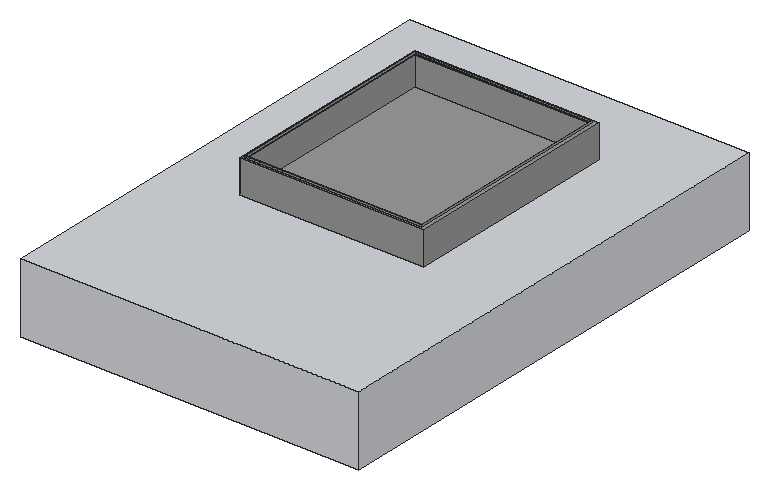
Revit family "Hager-Univers-IP30-D161-Cl.II-FWB-encl--DE-de", category Equipement électrique, Revit 2020
Family settings
  Hôte = Face
  Configuration du panneau = Deux colonnes, circuits au sein
  Cote de connecteur circulaire = Utiliser le diamètre
  Type d'élément = Tableau de raccordement
  Couper avec des vides une fois chargée = Non
  Partagée = Non
  Point de calcul de pièce = Non
Parameters (values of type "Aufputz IP30 B800 H950 T161  - FWB63D1")
  Width Control [instance] = if([EF000008 - Breite] > Min Width, [EF000008 - Breite], Min Width)  # 800 mm
  Commentaires du type = [HG000003 - Bereich]  # "Univers"
  Thickness Door [instance] = if([EF009171 - Materialstärke Tür/Deckel] > 3 mm, 3 mm, [EF009171 - Materialstärke Tür/Deckel])  # 1 mm
  Seal Frame Offset [instance] = 17 mm  # constant formula
  Plinth Visibility [instance] = [HG000027 - Sockelhöhe] > 0 mm  # no
  Model = ""
  Min Width [instance] = 100 mm  # constant formula
  Min Height [instance] = 100 mm  # constant formula
  Min Depth [instance] = (2 * [EF009170 - Materialstärke Gehäuse]) + 1 mm  # 5 mm
  Internal Frame Depth [instance] = (Door System Depth * 0.5)  # 9 mm
  Height Control [instance] = if([EF000040 - Höhe] > Min Height, [EF000040 - Höhe], Min Height)  # 950 mm
  HG000027 - Sockelhöhe = 0 mm
  HG000026 - Stehend auf dem Boden = no
  HG000024 - Höhe des unteren Teils = 800 mm
  HG000023 - Gehäuse mit doppeltem Querschnitt = no
  HG000016 - 3D-Türsichtbarkeit [instance] = yes
  HG000015 - Sichtbarkeit der Türöffnung [instance] = no
  HG000014 - Tür rechts [instance] = yes
  HG000013 - Tür links [instance] = not([HG000014 - Tür rechts])  # no
  HG000012 - Türschwenkwinkel [instance] = 30.00°
  HG000010 - Asymmetrische Türen = no
  HG000009 - Doppelflügeligen Tür = no
  HG000006 - Unterputz = no
  HG000004 - Herstellerreferenz = "FWB63D1"
  HG000003 - Bereich = "Univers"
  HG000002 - Mit tür = no
  Frame Offset Bottom [instance] = 10 mm  # constant formula
  Frame Offset [instance] = 15 mm  # constant formula
  EF015940 - Deckel mit Überdruckentlastung = no
  EF011959 - Schutzart (NEMA) = ""
  EF009554 - Anzahl der Öffnungen für Flanschplatten = 6
  Fabricant = "Hager"  # constant formula
  EF009212 - Ausführung Deckel = "EV009916 - mit Ausschnitt"
  EF009171 - Materialstärke Tür/Deckel = 1 mm
  EF009170 - Materialstärke Gehäuse = 2 mm
  EF008873 - Nennstrom (In) = 125 A
  EF007800 - Geeignet für Blitzschutz = no
  EF006306 - Mit Schloss = no
  EF006244 - Transparenter Deckel/Tür = no
  EF005474 - Schutzart (IP) = "EV006410 - IP30"
  EF004464 - Art der Tür = "EV000494 - ohne"
  EF004427 - Anzahl der Module = 216
  EF004293 - Schlagfestigkeit = "EV006815 - IK09"
  EF003532 - Geeignet für Außengebrauch = no
  EF002950 - Breite in Teilungseinheiten = 12
  EF001613 - Funktionserhalt = "EV000494 - ohne"
  EF001596 - Werkstoff des Gehäuses = "EV000179 - Stahl"
  EF001131 - Innentiefe = 160 mm
  EF001088 - Anbaumöglichkeit = yes
  EF000437 - Anzahl der Leitungseinführungen = 12
  EF000339 - Art der Abdeckung = "EV004216 - Tür"
  EF000266 - Anzahl der Reihen = 0
  EF000218 - Einbautiefe = 0 mm
  EF000118 - Mit Montageplatte = no
  EF000116 - RAL-Nummer = "9010"
  EF000049 - Tiefe = 161 mm
  EF000040 - Höhe = 950 mm
  EF000008 - Breite = 800 mm
  EF000007 - Farbe = "EV000202 - weiß"
  EF000003 - Montageart = "EV000384 - Aufputz"
  Door System Leaf Tolerance [instance] = 1.5 mm  # constant formula
  Door System Depth [instance] = 18 mm  # constant formula
  Door Height [instance] = Height Control - [HG000027 - Sockelhöhe]  # 950 mm
  Depth Control [instance] = if([EF000049 - Tiefe] > Min Depth, [EF000049 - Tiefe], Min Depth)  # 161 mm
  Default Elevation = 0 mm
  Connector Offset [instance] = Height Control / 2  # 475 mm
  Bottom Top Plate Trim [instance] = 1.5 mm  # constant formula
  Plinth height Ctrl [instance] = if([HG000027 - Sockelhöhe] > 0 mm, [HG000027 - Sockelhöhe], 12 mm)  # 12 mm
Types (20, lengths in mm): name | Width Control | Thickness Door | Min Depth | Height Control | HG000004 - Herstellerreferenz | EF009554 - Anzahl der Öffnungen für Flanschplatten | EF009212 - Ausführung Deckel | EF009171 - Materialstärke Tür/Deckel | EF009170 - Materialstärke Gehäuse | EF004427 - Anzahl der Module | EF001131 - Innentiefe | EF000437 - Anzahl der Leitungseinführungen | EF000339 - Art der Abdeckung | EF000040 - Höhe | EF000008 - Breite | Door Height | Connector Offset
  Aufputz IP30 B1050 H1100 T161  - FWB74D1 | 1050 | 1 | 3 | 1100 | "FWB74D1" | 8 | "EV009916 - mit Ausschnitt" | 1 | 1 | 336 | 156 | 16 | "EV000494 - ohne" | 1100 | 1050 | 1100 | 550
  Aufputz IP30 B1050 H500 T161  - FWB34D1 | 1050 | 2 | 3 | 500 | "FWB34D1" | 8 | "EV009916 - mit Ausschnitt" | 2 | 1 | 144 | 156 | 16 | "EV000494 - ohne" | 500 | 1050 | 500 | 250
  Aufputz IP30 B1050 H650 T161  - FWB44D1 | 1050 | 1 | 3 | 650 | "FWB44D1" | 8 | "EV000116 - geschlossen" | 1 | 1 | 192 | 160 | 16 | "EV004216 - Tür" | 650 | 1050 | 650 | 325
  Aufputz IP30 B1050 H800 T161  - FWB54D1 | 1050 | 1 | 5 | 800 | "FWB54D1" | 8 | "EV009916 - mit Ausschnitt" | 1 | 2 | 240 | 160 | 16 | "EV004216 - Tür" | 800 | 1050 | 800 | 400
  Aufputz IP30 B1050 H950 T161  - FWB64D1 | 1050 | 1 | 5 | 950 | "FWB64D1" | 8 | "EV009916 - mit Ausschnitt" | 1 | 2 | 288 | 160 | 16 | "EV004216 - Tür" | 950 | 1050 | 950 | 475
  Aufputz IP30 B300 H1100 T161  - FWB71D1 | 300 | 1 | 3 | 1100 | "FWB71D1" | 2 | "EV009916 - mit Ausschnitt" | 1 | 1 | 84 | 156 | 4 | "EV000494 - ohne" | 1100 | 300 | 1100 | 550
  Aufputz IP30 B300 H1250 T161  - FWB81D1 | 300 | 1 | 3 | 1250 | "FWB81D1" | 2 | "EV009916 - mit Ausschnitt" | 1 | 1 | 96 | 160 | 4 | "EV000494 - ohne" | 1250 | 300 | 1250 | 625
  Aufputz IP30 B300 H500 T161  - FWB31D1 | 300 | 2 | 5 | 500 | "FWB31D1" | 2 | "EV009916 - mit Ausschnitt" | 2 | 2 | 36 | 156 | 4 | "EV000494 - ohne" | 500 | 300 | 500 | 250
  Aufputz IP30 B300 H650 T161  - FWB41D1 | 300 | 1 | 3 | 650 | "FWB41D1" | 2 | "EV000116 - geschlossen" | 1 | 1 | 48 | 160 | 4 | "EV004216 - Tür" | 650 | 300 | 650 | 325
  Aufputz IP30 B300 H800 T161  - FWB51D1 | 300 | 1 | 3 | 800 | "FWB51D1" | 2 | "EV009916 - mit Ausschnitt" | 1 | 1 | 60 | 156 | 4 | "EV000494 - ohne" | 800 | 300 | 800 | 400
  Aufputz IP30 B300 H950 T161  - FWB61D1 | 300 | 1 | 3 | 950 | "FWB61D1" | 2 | "EV009916 - mit Ausschnitt" | 1 | 1 | 72 | 156 | 4 | "EV000494 - ohne" | 950 | 300 | 950 | 475
  Aufputz IP30 B550 H1100 T161  - FWB72D1 | 550 | 1 | 3 | 1100 | "FWB72D1" | 4 | "EV009916 - mit Ausschnitt" | 1 | 1 | 168 | 156 | 8 | "EV000494 - ohne" | 1100 | 550 | 1100 | 550
  Aufputz IP30 B550 H500 T161  - FWB32D1 | 550 | 2 | 5 | 500 | "FWB32D1" | 4 | "EV009916 - mit Ausschnitt" | 2 | 2 | 72 | 156 | 8 | "EV000494 - ohne" | 500 | 550 | 500 | 250
  Aufputz IP30 B550 H650 T161  - FWB42D1 | 550 | 1 | 3 | 650 | "FWB42D1" | 4 | "EV000116 - geschlossen" | 1 | 1 | 96 | 160 | 8 | "EV004216 - Tür" | 650 | 550 | 650 | 325
  Aufputz IP30 B550 H800 T161  - FWB52D1 | 550 | 1 | 3 | 800 | "FWB52D1" | 4 | "EV009916 - mit Ausschnitt" | 1 | 1 | 120 | 156 | 8 | "EV000494 - ohne" | 800 | 550 | 800 | 400
  Aufputz IP30 B550 H950 T161  - FWB62D1 | 550 | 1 | 3 | 950 | "FWB62D1" | 4 | "EV009916 - mit Ausschnitt" | 1 | 1 | 144 | 156 | 8 | "EV000494 - ohne" | 950 | 550 | 950 | 475
  Aufputz IP30 B800 H500 T161  - FWB33D1 | 800 | 1 | 3 | 500 | "FWB33D1" | 6 | "EV000116 - geschlossen" | 1 | 1 | 108 | 160 | 12 | "EV004216 - Tür" | 500 | 800 | 500 | 250
  Aufputz IP30 B800 H650 T161  - FWB43D1 | 800 | 1 | 5 | 650 | "FWB43D1" | 6 | "EV000116 - geschlossen" | 1 | 2 | 144 | 160 | 12 | "EV004216 - Tür" | 650 | 800 | 650 | 325
  Aufputz IP30 B800 H800 T161  - FWB53D1 | 800 | 1 | 3 | 800 | "FWB53D1" | 6 | "EV000116 - geschlossen" | 1 | 1 | 180 | 160 | 12 | "EV004216 - Tür" | 800 | 800 | 800 | 400
  Aufputz IP30 B800 H950 T161  - FWB63D1 | 800 | 1 | 5 | 950 | "FWB63D1" | 6 | "EV009916 - mit Ausschnitt" | 1 | 2 | 216 | 160 | 12 | "EV004216 - Tür" | 950 | 800 | 950 | 475
Reference planes
  plane 1 "Center (Front/Back)": y = 0
  plane 2: z = 0
  plane 3 "Center (Left/Right)": x = 0
  plane 4: z = 161
  plane 5: y = 2
  plane 6: y = 475
  plane 7: y = 0
  plane 8: y = 950
  plane 9: z = 0
  plane 10: x = -385
  plane 11: x = 385
  plane 12: x = 383
  plane 13: x = -383
  plane 14: y = 948
  plane 15: x = -383
  plane 16: x = -400
  plane 17: x = 383
  plane 18: x = 400
  plane 19: x = 398
  plane 20: x = -398
  plane 21: y = 12
  plane 22: y = 950
  plane 23: y = 933
  plane 24: z = 143
  plane 25: z = 2
  plane 26: z = 141
  plane 27: z = 159
Forms (mm)
  Extrusion 1, solid
    sketch origin (0, 0, 0) x (1, 0, 0) y (0, 1, 0)
      loop
        line (-702.964, 1305) -> (-702.964, -811.445) -> (766.763, -811.445) -> (766.763, 1305) -> (-702.964, 1305)
    from 0 to -304.8
  Extrusion 2, solid, material "Hager_Steel_RAL7035_Light_Grey", visible <- "Plinth Visibility", detail levels medium+fine
    sketch origin (0, 0, 0) x (1, 0, 0) y (0, 1, 0)
      loop
        line (-400, 0) -> (400, 0) -> (400, 12) -> (-400, 12) -> (-400, 0)
    from 0 to 143
  Extrusion 3, solid, material "Hager_Steel_RAL7035_Light_Grey", detail levels medium+fine
    sketch origin (0, 0, 0) x (1, 0, 0) y (0, 1, 0)
      loop
        line (-400, 0) -> (400, 0) -> (400, 950) -> (-400, 950) -> (-400, 0)
    from 0 to 143
  Extrusion 4, void
    sketch origin (0, 0, 0) x (1, 0, 0) y (0, 1, 0)
      loop
        line (-398, 2) -> (398, 2) -> (398, 948) -> (-398, 948) -> (-398, 2)
    from 2 to 141
  Extrusion 5, void
    sketch origin (-381.607, -4572, 143) x (0, -1, 0) y (-1, 0, 0)
      loop
        line (-4584, 1.393) -> (-5505, 1.393) -> (-5505, -764.607) -> (-4584, -764.607) -> (-4584, 1.393)
    from 0 to 2 <- "EF009170 - Materialstärke Gehäuse"
  Extrusion 6, solid, material "Hager_Steel_RAL7035_Light_Grey", detail levels fine
    sketch origin (0, 0, 143) x (1, 0, 0) y (0, 1, 0)
      loop
        line (-383, 933) -> (-383, 12) -> (383, 12) -> (383, 933) -> (-383, 933)
      loop
        line (-384, 11) -> (384, 11) -> (384, 934) -> (-384, 934) -> (-384, 11)
    from 0 to 9 <- "Internal Frame Depth"
  Extrusion 7, solid, material "Hager_Steel_RAL7035_Light_Grey", detail levels coarse
    sketch origin (0, 0, 0) x (1, 0, 0) y (0, 1, 0)
      loop
        line (-400, 0) -> (400, 0) -> (400, 950) -> (-400, 950) -> (-400, 0)
    from 0 to 161
  Sweep 8, void
    path in 3D
      loop
        line (-400, 12, 0) -> (400, 12, 0) -> (400, 12, 143) -> (-400, 12, 143) -> (-400, 12, 0)
    profile origin (-400, 12, 71.5) x (-1, 0, 0) y (0, -1, 0)
      loop
        line (0, 0) -> (0, 1.5) -> (-1.5, 1.5)
        arc (-1.5, 1.5) -> (-1.061, 0.439) -> (0, 0) r 1.5
Cuts and joins
  Extrusion 4, Extrusion 5 cuts Extrusion 3
  Sweep 8 cuts Extrusion 2
Lines and regions (mm)
  Masking region 1
    outline origin (0, 0, 0) x (1, 0, 0) y (0, 0, 1)
      loop
        line (-400, 161) -> (-400, 0) -> (400, 0) -> (400, 161) -> (-400, 161)
  Masking region 2, detail levels medium+fine
    outline origin (0, 140, 0) x (0, 1, 0) y (0, 0, 1)
      loop
        line (-140, 0) -> (810, 0) -> (810, 143) -> (-140, 143) -> (-140, 0)
  Masking region 3, not visible, detail levels medium+fine
    outline origin (0, 297.922, 0) x (0, 1, 0) y (0, 0, 1)
      loop
        line (188.578, 0) -> (228.578, 0) -> (228.578, 149)
        arc (228.578, 149) -> (225.649, 156.071) -> (218.578, 159) r 10
        line (218.578, 159) -> (188.578, 159) -> (188.578, 0)
  Masking region 4, detail levels coarse
    outline origin (0, 0, 180) x (0, 1, 0) y (0, 0, 1)
      loop
        line (0, -180) -> (950, -180) -> (950, -19) -> (0, -19) -> (0, -180)
  Masking region 5, visible <- "Plinth Visibility", detail levels medium+fine
    outline origin (0, 52.24, 12.345) x (0, 0, -1) y (0, 1, 0)
      loop
        line (10.845, -40.24) -> (-129.155, -40.24)
        arc (-129.155, -40.24) -> (-129.594, -41.301) -> (-130.655, -41.74) r 1.5
        line (-130.655, -41.74) -> (-130.655, -52.24) -> (12.345, -52.24) -> (12.345, -41.74)
        arc (12.345, -41.74) -> (11.285, -41.301) -> (10.845, -40.24) r 1.5
  Masking region 6, detail levels medium+fine
    outline origin (-381.607, -4572, 143) x (-1, 0, 0) y (0, -1, 0)
      loop
        line (18.393, -5522) -> (18.393, -4572) -> (-781.607, -4572) -> (-781.607, -5522) -> (18.393, -5522)
  Masking region 7, visible <- "Plinth Visibility", detail levels medium+fine
    outline origin (-381.607, -4727, 143) x (-1, 0, 0) y (0, -1, 0)
      loop
        arc (16.893, -4739) -> (17.332, -4737.939) -> (18.393, -4737.5) r 1.5
        line (18.393, -4737.5) -> (18.393, -4727) -> (-781.607, -4727) -> (-781.607, -4737.5)
        arc (-781.607, -4737.5) -> (-780.546, -4737.939) -> (-780.107, -4739) r 1.5
        line (-780.107, -4739) -> (16.893, -4739)
  Masking region 8, detail levels coarse
    outline origin (-442.548, -4669.526, 143) x (-1, 0, 0) y (0, -1, 0)
      loop
        line (-42.548, -5619.526) -> (-42.548, -4669.526) -> (-842.548, -4669.526) -> (-842.548, -5619.526) -> (-42.548, -5619.526)
  sketch lines
    curve 1: line (-400, 12, 143) -> (-400, 12, 0)
    curve 2: line (400, 12, 143) -> (-400, 12, 143)
    curve 3: line (400, 12, 143) -> (400, 12, 0)
    curve 4: line (-400, 12, 0) -> (400, 12, 0)
Dimensions and locks
  "Depth Control": plane 4 to Extrusion 1
  "HG000027 - Sockelhöhe": plane 1 "Center (Front/Back)" to plane 7
  "EF009170 - Materialstärke Gehäuse": plane 5 to plane 7
  locked: connector elem to plane 3 "Center (Left/Right)"
  equal spacing: plane 8, plane 6, plane 7
  locked: connector elem to plane 6
  "EF009170 - Materialstärke Gehäuse": plane 8 to plane 14
  "EF009170 - Materialstärke Gehäuse": plane 10 to plane 13
  "EF009170 - Materialstärke Gehäuse": plane 12 to plane 11
  "Frame Offset": plane 20 to plane 13
  "Frame Offset": plane 12 to plane 19
  "EF009170 - Materialstärke Gehäuse": plane 16 to plane 20
  "EF009170 - Materialstärke Gehäuse": plane 19 to plane 18
  "Seal Frame Offset": plane 16 to plane 15
  "Seal Frame Offset": plane 17 to plane 18
  "Frame Offset Bottom": plane 21 to plane 5
  "Frame Offset": plane 14 to plane 23
  equal spacing: plane 16, plane 3 "Center (Left/Right)", plane 18
  "Width Control": plane 16 to plane 18
  "EF009170 - Materialstärke Gehäuse": plane 4 to plane 27
  "EF009170 - Materialstärke Gehäuse": plane 24 to plane 26
  "EF009170 - Materialstärke Gehäuse": plane 25 to level
  "Door System Depth": plane 4 to plane 24
  "Height Control": plane 1 "Center (Front/Back)" to Extrusion 7 sketch curve
  "Height Control": Masking region 4 sketch curve to plane 1 "Center (Front/Back)"
  "Height Control": plane 1 "Center (Front/Back)" to plane 22
  "Bottom Top Plate Trim": profile plane to Sweep 8 sketch curve
  "Bottom Top Plate Trim": Sweep 8 sketch curve to profile plane
  "Plinth height Ctrl": plane 1 "Center (Front/Back)" to Extrusion 2 sketch curve
  "Plinth height Ctrl": Masking region 5 sketch curve to plane 1 "Center (Front/Back)"
  "Plinth height Ctrl": plane 1 "Center (Front/Back)" to Masking region 7 sketch curve
  "Thickness Door": Extrusion 6 sketch curve to Extrusion 6 sketch curve  (x3)
  "Thickness Door": cut or joined group of Extrusion 3, Extrusion 4, Extrusion 5 to Extrusion 6 sketch curve
  radius of Masking region 3 sketch curve = 10 mm
  "Bottom Top Plate Trim": radius of Masking region 5 sketch curve  (x2)
  "Bottom Top Plate Trim": radius of Sweep 8 sketch curve
  "Bottom Top Plate Trim": radius of Masking region 7 sketch curve  (x2)
  aligned and locked: plane 2 to Extrusion 1
  aligned and locked: level to Extrusion 1
  aligned and locked: level to Masking region 1 sketch curve
  aligned and locked: Masking region 1 sketch curve to plane 18
  aligned and locked: Masking region 1 sketch curve to plane 16
  aligned and locked: plane 7 to Masking region 2 sketch curve
  aligned and locked: level to Masking region 3 sketch curve
  aligned and locked: Masking region 3 sketch curve to plane 27
  aligned and locked: level to Masking region 2 sketch curve
  aligned and locked: plane 1 "Center (Front/Back)" to Extrusion 2 sketch curve
  aligned and locked: Extrusion 3 sketch curve to plane 7
  aligned and locked: plane 16 to Extrusion 3 sketch curve
  aligned and locked: plane 18 to Extrusion 3 sketch curve
  aligned and locked: plane 20 to Extrusion 4 sketch curve
  aligned and locked: plane 19 to Extrusion 4 sketch curve
  aligned and locked: Extrusion 4 sketch curve to plane 5
  aligned and locked: Extrusion 4 to plane 25
  aligned and locked: plane 26 to Extrusion 4
  aligned and locked: plane 24 to Extrusion 3
  aligned and locked: Extrusion 5 sketch curve to plane 21
  aligned and locked: Extrusion 5 sketch curve to plane 13
  aligned and locked: Extrusion 5 sketch curve to plane 12
  aligned and locked: plane 18 to Extrusion 7 sketch curve
  aligned and locked: plane 1 "Center (Front/Back)" to Extrusion 7 sketch curve
  aligned and locked: plane 16 to Extrusion 7 sketch curve
  aligned and locked: plane 4 to Extrusion 7
  aligned and locked: Extrusion 7 to level
  aligned and locked: level to Masking region 4 sketch curve
  aligned and locked: Masking region 4 sketch curve to plane 1 "Center (Front/Back)"
  aligned and locked: Masking region 4 sketch curve to plane 4
  aligned and locked: nested 1 to level
  aligned and locked: nested 1 to plane 16
  aligned and locked: plane 8 to Extrusion 3 sketch curve
  aligned and locked: plane 23 to Extrusion 5 sketch curve
  aligned and locked: plane 14 to Extrusion 4 sketch curve
  aligned and locked: Masking region 2 sketch curve to plane 8
  aligned and locked: level to Masking region 5 sketch curve
  aligned and locked: plane 16 to Extrusion 2 sketch curve
  aligned and locked: plane 18 to Extrusion 2 sketch curve
  aligned and locked: Masking region 5 sketch curve to plane 24
  aligned and locked: Masking region 2 sketch curve to plane 24
  aligned and locked: plane 24 to Extrusion 2
  aligned and locked: profile plane to Sweep 8 sketch curve  (x2)
  aligned and locked: Masking region 6 sketch curve to plane 18
  aligned and locked: Masking region 6 sketch curve to plane 22
  aligned and locked: Masking region 6 sketch curve to plane 16
  aligned and locked: plane 8 to plane 22
  aligned and locked: Masking region 6 sketch curve to plane 7
  aligned and locked: Masking region 7 sketch curve to plane 16
  aligned and locked: Masking region 7 sketch curve to plane 1 "Center (Front/Back)"
  aligned and locked: Masking region 7 sketch curve to plane 18
  aligned and locked: Masking region 8 sketch curve to plane 1 "Center (Front/Back)"
  aligned and locked: Masking region 8 sketch curve to plane 18
  aligned and locked: Masking region 8 sketch curve to plane 22
  aligned and locked: Masking region 8 sketch curve to plane 16
  aligned and locked: nested 2 to plane 7
  aligned and locked: plane 3 "Center (Left/Right)" to nested 2
  aligned and locked: nested 2 to plane 24
  aligned and locked: Extrusion 6 sketch curve to cut or joined group of Extrusion 3, Extrusion 4, Extrusion 5  (x4)
Automatic sketch dimensions
  Extrusion 1 sketch curve to Extrusion 1 sketch curve = 1469.727 mm
  Extrusion 1 sketch curve to Extrusion 1 sketch curve = 2116.445 mm
  Masking region 1 sketch curve to plane 4 = 0 mm
  plane 6 to Masking region 3 sketch curve = 11.5 mm
  Masking region 3 sketch curve to Masking region 3 sketch curve = 30 mm
  Masking region 5 sketch curve to plane 1 "Center (Front/Back)" = 0 mm
Nested families
  nested 1: "Hager_Enclosure_Symbol" at (-400, 0, 0) x (1, 0, 0) z (0, -1, 0), Height <- "Depth Control", Width <- "Width Control", type "Hager_Enclosure_Symbol"
    with Width_Ctrl 800 mm, Width 800 mm, Height_Ctrl 161 mm, Height 161 mm, A_Width_Int 10.566 mm, A_Width 126.788 mm, A_Height_Ctrl 140.875 mm, A_Height 140.875 mm
  nested 2: "EC000058_Univers_Door" at (0, 0, 143) x (1, 0, 0) z (0, 1, 0), Leaf_Tolerance <- "Door System Leaf Tolerance", Angle <- "HG000012 - Türschwenkwinkel", Door_Depth <- "Door System Depth", Door_Left <- "HG000013 - Tür links", Transparent <- "EF006244 - Transparenter Deckel/Tür", Assymetrical <- "HG000010 - Asymmetrische Türen", Width <- "Width Control", Clearance <- "HG000015 - Sichtbarkeit der Türöffnung", Double <- "HG000009 - Doppelflügeligen Tür", 3d_Door <- "HG000016 - 3D-Türsichtbarkeit", Lock_Visibility <- "EF006306 - Mit Schloss", Width_Ctrl <- "Width Control", Door_Right <- "HG000014 - Tür rechts", Door <- "HG000002 - Mit tür", Height <- "Door Height", Thickness <- "Thickness Door", type "EC000058_Univers_Door", detail levels medium+fine
    with min_wh 3 mm, Width_Ctrl 800 mm, Width 800 mm, Transparent no, Thickness 1 mm, Seal_Material Hager_Rubber, Lock_Visibility no, Lock_Material Hager_Plastic_RAL9005_Jet_Black, Leaf_Width 800 mm, Leaf_Tolerance_External_Sides 0 mm, Leaf_Tolerance 1.5 mm, Leaf_Offset 0 mm, Leaf_Height 947 mm, Leaf_2_Width 800 mm, Leaf_2_Offset 400 mm, Leaf_1_Width 800 mm, Leaf_1_Offset 400 mm, Height_Ctrl 950 mm, Height 950 mm, Glass_Material Hager_Glass, Double_Clearance_Ctrl no, Double no, Door_Right_Ctrl no, Door_Right yes, Door_Material Hager_Steel_RAL7035_Light_Grey, Door_Left_Ctrl no, Door_Left no, Door_Depth 18 mm, Door no, Clearance_Material Hager_Clearance, Clearance_Depth 800 mm, Clearance_Ctrl no, Clearance no, Assymetrical no, Angle 30.00°, 3d_Door yes
Connectors
  electrical at (0, 475, 0)
    settings: on plane 9, index 1, voltage 0 V, apparent load 0 VA, apparent load phase1 0 VA, apparent load phase2 0 VA, apparent load phase3 0 VA, power factor 1, load classification "Other", number of poles 1, system type 30, power factor state 1, is connector primary yes, connector utility no, sub classification motor no, connector description ""
Definition of nested family "Hager_Enclosure_Symbol"
  Parameters (values of type "Hager_Enclosure_Symbol")
    Width_Ctrl [instance] = if(Width > 1 mm, Width, 1 mm)  # 102.27 mm
    Width [instance] = 102.27 mm
    Height_Ctrl [instance] = if(Height > 1 mm, Height, 1 mm)  # 66.5 mm
    A_Width_Int [instance] = if(A_Width / 12 > 2 mm, A_Width / 12, 2 mm)  # 4.364 mm
    A_Width [instance] = if(A_Height_Ctrl * 0.9 > 2 mm, A_Height_Ctrl * 0.9, 2 mm)  # 52.369 mm
    A_Height_Ctrl [instance] = if(A_Height > 2 mm, A_Height, 2 mm)  # 58.188 mm
    Height [instance] = 66.5 mm
    A_Height [instance] = Height - (Height / 8)  # 58.188 mm
  Reference planes
    plane 1 "Centre (avant/arrière)": y = 0
    plane 2: z = 0
    plane 3 "Centre (gauche/droite)": x = 0
    plane 4: x = 52.369
    plane 5: y = 33.042
    plane 6: y = 41.77
    plane 7: y = 66.5
    plane 8: x = 26.184
    plane 9: y = 37.406
    plane 10: x = 102.27
    plane 11: y = 66.5
    plane 12: y = 8.313
  Lines and regions (mm)
    Filled region 1, type "Solid_Black", in view "Niveau de réf."
      outline origin (0, 0, 0) x (1, 0, 0) y (0, 1, 0)
        loop
          line (52.369, 66.5) -> (33.188, 54.536) -> (45.365, 45.006) -> (52.369, 66.5)
    Filled region 2, type "Solid_Black", in view "Niveau de réf."
      outline origin (0, 0, 0) x (1, 0, 0) y (0, 1, 0)
        loop
          line (0, 0) -> (102.27, 0) -> (102.27, 66.5) -> (0, 0)
    detail lines, in view "Niveau de réf."
      curve 1: line (0, 8.313, 0) -> (26.184, 41.77, 0)
      curve 2: line (26.184, 41.77, 0) -> (26.184, 33.042, 0)
      curve 3: line (26.184, 33.042, 0) -> (52.369, 66.5, 0)
  Dimensions and locks
    "A_Width": plane 3 "Centre (gauche/droite)" to plane 4
    equal spacing: plane 3 "Centre (gauche/droite)", plane 8, plane 4
    equal spacing: plane 6, plane 9, plane 5
    equal spacing: curve 3, Filled region 1 sketch curve, Filled region 1 sketch curve
    "Height_Ctrl": plane 1 "Centre (avant/arrière)" to plane 11
    "A_Height_Ctrl": plane 11 to plane 12
    equal spacing: plane 11, plane 9, plane 12
    "A_Width_Int": plane 6 to plane 9
    "Width_Ctrl": plane 3 "Centre (gauche/droite)" to plane 10
    angle Filled region 1 sketch curve to curve 3 = 20.00°
    angle curve 3 to Filled region 1 sketch curve = 20.00°
    locked: curve 3 to Filled region 1 sketch curve (angle 90.00°)
    aligned and locked: plane 10 to Filled region 2
    aligned and locked: plane 11 to Filled region 2 sketch curve
    aligned and locked: plane 10 to Filled region 2 sketch curve
    aligned and locked: plane 3 "Centre (gauche/droite)" to curve 1
    aligned and locked: plane 12 to curve 1
    aligned and locked: plane 7 to plane 11
  Automatic sketch dimensions
    Filled region 1 sketch curve to plane 4 = 0 mm
    Filled region 1 sketch curve to plane 7 = 0 mm
    plane 1 "Centre (avant/arrière)" to Filled region 2 sketch curve = 0 mm
    Filled region 2 sketch curve to plane 3 "Centre (gauche/droite)" = 0 mm
    curve 2 to plane 6 = 0 mm
    curve 2 to plane 8 = 0 mm
    curve 3 to plane 4 = 0 mm
    curve 2 to plane 5 = 0 mm
    curve 3 to plane 7 = 0 mm
Definition of nested family "EC000058_Univers_Door"
  Parameters (values of type "EC000058_Univers_Door")
    min_wh [instance] = (2 * Thickness) + 1 mm  # 11 mm
    Width_Ctrl [instance] = 400 mm
    Width [instance] = 500 mm
    Transparent [instance] = yes
    Thickness [instance] = 5 mm
    Seal_Material [instance] = none
    Lock_Visibility [instance] = yes
    Lock_Material [instance] = none
    Leaf_Width [instance] = if((Width_Ctrl - 2 * Leaf_Tolerance_External_Sides) > 0 mm, (Width_Ctrl - 2 * Leaf_Tolerance_External_Sides), min_wh)  # 400 mm
    Leaf_Tolerance_External_Sides [instance] = 0 mm  # constant formula
    Leaf_Tolerance [instance] = 1.5 mm
    Leaf_Offset [instance] = 0 mm  # constant formula
    Leaf_Height [instance] = if((Height_Ctrl - 2 * Leaf_Tolerance) > 0 mm, (Height_Ctrl - 2 * Leaf_Tolerance), min_wh)  # 497 mm
    Leaf_2_Width [instance] = if(and(and(Double, Assymetrical), Door_Left), (Leaf_Width / 3) - (Leaf_Tolerance / 2), if(and(and(Double, Assymetrical), Door_Right), (Leaf_Width / 3) * 2 - (Leaf_Tolerance / 2), if(and(Double, not(Assymetrical)), (Leaf_Width / 2) - Leaf_Tolerance, Leaf_Width)))  # 400 mm
    Leaf_2_Offset [instance] = if(and(Double, Assymetrical), Leaf_2_Width / 2, if(and(Double, not(Assymetrical)), Leaf_Width / 4, Leaf_Width / 2))  # 200 mm
    Leaf_1_Width [instance] = if(and(and(Double, Assymetrical), Door_Right), (Leaf_Width / 3) - (Leaf_Tolerance / 2), if(and(and(Double, Assymetrical), Door_Left), (Width / 3) * 2 - (Leaf_Tolerance / 2), if(and(Double, not(Assymetrical)), (Leaf_Width / 2) - Leaf_Tolerance, Leaf_Width)))  # 400 mm
    Leaf_1_Offset [instance] = if(and(Double, Assymetrical), Leaf_1_Width / 2, if(and(Double, not(Assymetrical)), Leaf_Width / 4, Leaf_Width / 2))  # 200 mm
    Height_Ctrl [instance] = if(Height > min_wh, Height, min_wh)  # 500 mm
    Height [instance] = 500 mm
    Glass_Material [instance] = none
    Double_Clearance_Ctrl [instance] = and(Double, Clearance)  # no
    Double [instance] = no
    Door_Right_Ctrl [instance] = and(or(Door_Right, Double), Door)  # yes
    Door_Right [instance] = yes
    Door_Material [instance] = none
    Door_Left_Ctrl [instance] = and(or(Door_Left, Double), Door)  # no
    Door_Left [instance] = no
    Door_Depth [instance] = 30 mm
    Door [instance] = yes
    Default Elevation = 1219.2 mm
    Clearance_Material [instance] = none
    Clearance_Depth [instance] = if(Leaf_1_Width > Leaf_2_Width, Leaf_1_Width, Leaf_2_Width)  # 400 mm
    Clearance_Ctrl [instance] = and(not(Double), Clearance)  # yes
    Clearance [instance] = yes
    Assymetrical [instance] = yes
    Angle [instance] = 30.00°
    3d_Door [instance] = yes
  Reference planes
    plane 1 "Center (Front/Back)": y = 0
    plane 2 "Bottom": z = 0
    plane 3 "Center (Left/Right)": x = 0
    plane 4: z = 500
    plane 5: x = -200
    plane 6: x = 200
    plane 7: z = 500
    plane 8: x = -200
    plane 9: z = 0
    plane 10: x = 200
    plane 11: y = 0
    plane 12: z = 1.5
    plane 13: x = -600
    plane 14: y = -400
    plane 15: x = 600
    plane 16: x = 0
    plane 17: x = 0
    plane 18: x = -200
    plane 19: x = 200
    plane 20: z = 498.5
  Forms (mm)
    Extrusion 1, solid, material <- "Clearance_Material", visible <- "Double_Clearance_Ctrl"
      sketch origin (1200, 0, 0) x (1, 0, 0) y (0, 0, -1)
        loop
          line (-1800, -498.5) -> (-600, -498.5) -> (-600, 0) -> (-1800, 0) -> (-1800, -498.5)
      from 0 to -400
  Dimensions and locks
    equal spacing: plane 5, plane 3 "Center (Left/Right)", plane 6
    "Width_Ctrl": plane 5 to plane 6
    "Leaf_Offset": plane 5 to plane 8
    "Leaf_Offset": plane 6 to plane 10
    "Leaf_Offset": plane 9 to level
    "Leaf_Offset": plane 4 to plane 7
    "Height_Ctrl": plane 4 to level
    "Leaf_Tolerance": plane 12 to plane 9
    locked: plane 11 to plane 1 "Center (Front/Back)"
    "Leaf_1_Offset": plane 18 to plane 16
    "Leaf_2_Offset": plane 17 to plane 19
    "Leaf_1_Width": plane 13 to plane 8
    "Leaf_2_Width": plane 10 to plane 15
    "Clearance_Depth": plane 14 to plane 1 "Center (Front/Back)"
    "Leaf_Tolerance_External_Sides": plane 8 to plane 18
    "Leaf_Tolerance_External_Sides": plane 19 to plane 10
    "Leaf_Tolerance": plane 7 to plane 20
    aligned and locked: level to plane 2 "Bottom"
    aligned and locked: nested 1 to plane 16
    aligned and locked: nested 2 to plane 17
    aligned and locked: Extrusion 1 to plane 13
    aligned and locked: plane 15 to Extrusion 1
    aligned and locked: Extrusion 1 to plane 14
    aligned and locked: plane 12 to nested 1
    aligned and locked: nested 2 to plane 12
    aligned and locked: Extrusion 1 to plane 11
    aligned and locked: plane 20 to Extrusion 1
    aligned and locked: nested 2 to plane 11
    aligned and locked: nested 1 to plane 11
  Automatic sketch dimensions
    Extrusion 1 sketch curve to level = 0 mm
    plane 5 to Extrusion 1 sketch curve = 400 mm
    plane 6 to Extrusion 1 sketch curve = 400 mm
    Extrusion 1 sketch curve to plane 4 = 1.5 mm
  Nested families
    nested 1: "EC000058_Univers_Door_Leaf" at (0, 0, 1.5), Width <- "Leaf_1_Width", visible <- "Door_Left_Ctrl", Leaf_Height <- "Leaf_Height", Angle <- "Angle", 3d_Door <- "3d_Door", Transparent <- "Transparent", Clearance Material <- "Clearance_Material", Clearance <- "Clearance_Ctrl", Door_Material <- "Door_Material", Glass_Material <- "Glass_Material", Door_Depth <- "Door_Depth", Lock_Material <- "Lock_Material", Seal_Material <- "Seal_Material", Lock_Visibility <- "Lock_Visibility", Thickness <- "Thickness", type "EC000058_Univers_Door_Leaf"
      with Width 400 mm, Transparent_Glass_Offset 30 mm, Transparent_Ctrl yes, Transparent yes, Thickness 5 mm, Standard no, Seal_Material none, Seal_D2 8 mm, Seal_D1 1 mm, Offset_Internal_Frame 10 mm, Lock_Width 20 mm, Lock_Visibility_3d yes, Lock_Visibility yes, Lock_Thickness_3 3 mm, Lock_Thickness_2 1 mm, Lock_Thickness_1 3 mm, Lock_Radius_Offset_2 16 mm, Lock_Radius_Offset_1 15 mm, Lock_Radius_2 5 mm, Lock_Radius 6 mm, Lock_Offset 5 mm, Lock_Material none, Lock_Height 80 mm, Lock_Cover_Top_Offset_2d 17 mm, Lock_Cover_Height -65 mm, Leaf_Height 497 mm, Internal_Seal_Thickness 8 mm, Internal_Seal_Depth_2 4.5 mm, Internal_Frame_Depth 25 mm, Glass_Thickness -1 mm, Glass_Offset -2 mm, Glass_Material none, Door_Material none, Door_Depth 30 mm, Clearance Material none, Clearance yes, Angle_Ctrl 30.00°, Angle 30.00°, 3d_Door yes
    nested 2: "EC000058_Univers_Door_Leaf" at (0, 0, 1.5) x (-1, 0, 0) z (0, 0, 1), Width <- "Leaf_2_Width", visible <- "Door_Right_Ctrl", Leaf_Height <- "Leaf_Height", Angle <- "Angle", 3d_Door <- "3d_Door", Transparent <- "Transparent", Clearance Material <- "Clearance_Material", Clearance <- "Clearance_Ctrl", Door_Material <- "Door_Material", Glass_Material <- "Glass_Material", Door_Depth <- "Door_Depth", Lock_Material <- "Lock_Material", Seal_Material <- "Seal_Material", Lock_Visibility <- "Lock_Visibility", Thickness <- "Thickness", type "EC000058_Univers_Door_Leaf"
      with Width 400 mm, Transparent_Glass_Offset 30 mm, Transparent_Ctrl yes, Transparent yes, Thickness 5 mm, Standard no, Seal_Material none, Seal_D2 8 mm, Seal_D1 1 mm, Offset_Internal_Frame 10 mm, Lock_Width 20 mm, Lock_Visibility_3d yes, Lock_Visibility yes, Lock_Thickness_3 3 mm, Lock_Thickness_2 1 mm, Lock_Thickness_1 3 mm, Lock_Radius_Offset_2 16 mm, Lock_Radius_Offset_1 15 mm, Lock_Radius_2 5 mm, Lock_Radius 6 mm, Lock_Offset 5 mm, Lock_Material none, Lock_Height 80 mm, Lock_Cover_Top_Offset_2d 17 mm, Lock_Cover_Height -65 mm, Leaf_Height 497 mm, Internal_Seal_Thickness 8 mm, Internal_Seal_Depth_2 4.5 mm, Internal_Frame_Depth 25 mm, Glass_Thickness -1 mm, Glass_Offset -2 mm, Glass_Material none, Door_Material none, Door_Depth 30 mm, Clearance Material none, Clearance yes, Angle_Ctrl 30.00°, Angle 30.00°, 3d_Door yes
  Definition of nested family "EC000058_Univers_Door_Leaf"
    Parameters (values of type "EC000058_Univers_Door_Leaf")
      Width [instance] = 2000 mm
      Transparent_Glass_Offset [instance] = 30 mm
      Transparent_Ctrl [instance] = and(Transparent, [3d_Door])  # yes
      Transparent [instance] = yes
      Thickness [instance] = 5 mm
      Standard [instance] = and(not(Transparent), [3d_Door])  # no
      Seal_Material [instance] = none
      Seal_D2 [instance] = 8 mm  # constant formula
      Seal_D1 [instance] = 1 mm  # constant formula
      Offset_Internal_Frame [instance] = 10 mm  # constant formula
      Lock_Width [instance] = 20 mm  # constant formula
      Lock_Visibility_3d [instance] = and(Lock_Visibility, [3d_Door])  # yes
      Lock_Visibility [instance] = yes
      Lock_Thickness_3 [instance] = 3 mm  # constant formula
      Lock_Thickness_2 [instance] = 1 mm  # constant formula
      Lock_Thickness_1 [instance] = 3 mm  # constant formula
      Lock_Radius_Offset_2 [instance] = Lock_Radius_Offset_1 + 1 mm  # 16 mm
      Lock_Radius_Offset_1 [instance] = 15 mm  # constant formula
      Lock_Radius_2 [instance] = Lock_Radius - 1 mm  # 5 mm
      Lock_Radius [instance] = 6 mm  # constant formula
      Lock_Offset [instance] = 5 mm  # constant formula
      Lock_Material [instance] = none
      Lock_Height [instance] = 80 mm  # constant formula
      Lock_Cover_Top_Offset_2d [instance] = Lock_Radius_Offset_2 + 1 mm  # 17 mm
      Lock_Cover_Height [instance] = -(Lock_Height - Lock_Radius_Offset_1)  # -65 mm
      Leaf_Height [instance] = 2720.336 mm
      Internal_Seal_Thickness [instance] = 8 mm  # constant formula
      Internal_Seal_Depth_2 [instance] = 4.5 mm  # constant formula
      Internal_Frame_Depth [instance] = if(Door_Depth - Thickness > 5 mm, Door_Depth - Thickness, 5 mm)  # 25 mm
      Glass_Thickness [instance] = if(Thickness > 15 mm, Glass_Offset + 10 mm, -1 mm)  # -1 mm
      Glass_Offset [instance] = if(Thickness > 15 mm, -(Thickness + 10 mm) / 2, -2 mm)  # -2 mm
      Glass_Material [instance] = none
      Door_Material [instance] = none
      Door_Depth [instance] = 30 mm
      Default Elevation = 0 mm
      Clearance Material [instance] = none
      Clearance [instance] = yes
      Angle_Ctrl [instance] = if(Angle > 180.00°, 180.00°, Angle)  # 90.00°
      Angle [instance] = 90.00°
      3d_Door [instance] = yes
    Reference planes
      plane 1 "Center (Front/Back)": y = 0
      plane 2: z = 0
      plane 3 "Center (Left/Right)": x = 0
      plane 4: y = 2000
      plane 5: x = -1000
      plane 6: x = 1000
      plane 7: x = -3000
      plane 8: z = 2720.336
      plane 9: z = 30
      plane 10: z = 2690.336
      plane 11: x = 970
      plane 12: x = -970
      plane 13: y = -3
      plane 14: z = 107.833
      plane 15: y = -5
      plane 16: y = -223.314
      plane 17: x = -1000
      plane 18: z = 1360.168
      plane 19: y = 30
    Forms (mm)
      Extrusion 1, solid, material <- "Clearance Material", visible <- "Clearance"
        sketch origin (0, 0, 0) x (1, 0, 0) y (0, 0, 1)
          loop
            line (-3000, 2720.336) -> (-3000, 0) -> (1000, 0) -> (1000, 2720.336) -> (-3000, 2720.336)
        from 0 to -2000
      Extrusion 2, solid, material <- "Door_Material", visible <- "Standard", detail levels medium+fine
        sketch origin (-1000, 0, 0) x (0, 1, 0) y (-1, 0, 0)
          loop
            line (0, 30) -> (0, 25) -> (2000, 25) -> (2000, 30) -> (0, 30)
        from 0 to 2720.336 <- "Leaf_Height"
      Extrusion 3, solid, material <- "Door_Material", visible <- "Transparent_Ctrl", detail levels medium+fine
        sketch origin (-1000, 0, 0) x (0, 1, 0) y (-1, 0, 0)
          loop
            line (0, 25) -> (2000, 25) -> (2000, 30) -> (0, 30) -> (0, 25)
        from 0 to 2720.336 <- "Leaf_Height"
      Extrusion 4, void
        sketch origin (-1025, 2000, 0) x (0, 1, 0) y (0, 0, -1)
          loop
            line (-30, -2690.336) -> (-30, -30) -> (-1970, -30) -> (-1970, -2690.336) -> (-30, -2690.336)
        from 0 to 5 <- "Thickness"
      Sweep 5, solid, material <- "Seal_Material", visible <- "Transparent_Ctrl", detail levels fine
        path in 3D
          loop
            line (-1025, 30, 30) -> (-1025, 30, 2690.336) -> (-1025, 1970, 2690.336) -> (-1025, 1970, 30) -> (-1025, 30, 30)
        profile origin (-1025, 1000, 30) x (1, 0, 0) y (0, 0, 1)
          loop
            line (0, 0) -> (0, -8) -> (1, -8) -> (1, 0) -> (0, 0)
      Extrusion 6, solid, material <- "Glass_Material", visible <- "Transparent_Ctrl", detail levels medium+fine
        sketch origin (-1030, 0, 0) x (0, 1, 0) y (0, 0, -1)
          loop
            line (1970, -2690.336) -> (1970, -30) -> (30, -30) -> (30, -2690.336) -> (1970, -2690.336)
        from -2 <- "Glass_Offset" to -1 <- "Glass_Thickness"
      Extrusion 7, solid, material <- "Door_Material", visible <- "3d_Door", detail levels medium+fine
        sketch origin (-1025, 2000, 0) x (0, -1, 0) y (0, 0, -1)
          loop
            line (0, -2720.336) -> (2000, -2720.336) -> (2000, 0) -> (0, 0) -> (0, -2720.336)
          loop
            line (1995, -5) -> (5, -5) -> (5, -2715.336) -> (1995, -2715.336) -> (1995, -5)
        from 0 to 25 <- "Internal_Frame_Depth"
      Sweep 8, solid, material <- "Seal_Material", visible <- "Transparent_Ctrl", detail levels fine
        path in 3D
          loop
            line (-1025, 0, 0) -> (-1025, 2000, 0) -> (-1025, 2000, 2720.336) -> (-1025, 0, 2720.336) -> (-1025, 0, 0)
        profile origin (-1025, 0, 1360.168) x (1, 0, 0) y (0, 1, 0)
          loop
            line (0, 10) -> (2.975, 10)
            arc (2.975, 10) -> (4.053, 10.447) -> (4.5, 11.525) r 1.525
            line (4.5, 11.525) -> (4.5, 16.527)
            arc (4.5, 16.527) -> (4.069, 17.569) -> (3.027, 18) r 1.473
            line (3.027, 18) -> (0, 18) -> (0, 10)
      Extrusion 9, solid, material <- "Lock_Material", visible <- "Lock_Visibility_3d", detail levels fine
        sketch origin (-1030, 0, 0) x (0, 1, 0) y (0, 0, -1)
          loop
            arc (1993.5, -1400.168) -> (1994.561, -1399.729) -> (1995, -1398.668) r 1.5
            line (1995, -1398.668) -> (1995, -1320.168) -> (1975, -1320.168) -> (1975, -1398.668)
            arc (1975, -1398.668) -> (1975.439, -1399.729) -> (1976.5, -1400.168) r 1.5
            line (1976.5, -1400.168) -> (1993.5, -1400.168)
        from 3 <- "Lock_Thickness_1" to 0
      Blend 10, solid, material <- "Lock_Material", visible <- "Lock_Visibility_3d", detail levels fine
        base sketch origin (-1033, 0, 0) x (0, 1, 0) y (0, 0, -1)
          loop
            line (1975, -1320.168) -> (1975, -1398.668)
            arc (1975, -1398.668) -> (1975.439, -1399.729) -> (1976.5, -1400.168) r 1.5
            line (1976.5, -1400.168) -> (1993.5, -1400.168)
            arc (1993.5, -1400.168) -> (1994.561, -1399.729) -> (1995, -1398.668) r 1.5
            line (1995, -1398.668) -> (1995, -1320.168) -> (1975, -1320.168)
        top sketch origin (-1033, 0, 0) x (0, 1, 0) y (0, 0, -1)
          loop
            line (1976, -1320.168) -> (1976, -1398.668)
            arc (1976, -1398.668) -> (1976.146, -1399.022) -> (1976.5, -1399.168) r 0.5
            line (1976.5, -1399.168) -> (1993.5, -1399.168)
            arc (1993.5, -1399.168) -> (1993.854, -1399.022) -> (1994, -1398.668) r 0.5
            line (1994, -1398.668) -> (1994, -1320.168) -> (1976, -1320.168)
        from 0 to 1 <- "Lock_Thickness_2"
      Blend 11, solid, material <- "Lock_Material", visible <- "Lock_Visibility_3d", detail levels fine
        base sketch origin (-1034, 0, 0) x (0, 1, 0) y (0, 0, -1)
          loop
            line (1978, -1320.168) -> (1978, -1384.168)
            arc (1978, -1384.168) -> (1985, -1391.168) -> (1992, -1384.168) r 7
            line (1992, -1384.168) -> (1992, -1320.168) -> (1978, -1320.168)
        top sketch origin (-1034, 0, 0) x (0, 1, 0) y (0, 0, -1)
          loop
            line (1991, -1320.168) -> (1979, -1320.168) -> (1979, -1383.168)
            arc (1979, -1383.168) -> (1985, -1389.168) -> (1991, -1383.168) r 6
            line (1991, -1383.168) -> (1991, -1320.168)
        from 0 to 3 <- "Lock_Thickness_3"
      Extrusion 12, solid, material <- "Lock_Material", visible <- "Lock_Visibility_3d", detail levels fine
        sketch origin (-1030, 1975, 1320.168) x (1, 0, 0) y (0, -1, 0)
          loop
            line (-7, -19) -> (-7, -1) -> (0, -1) -> (0, 0) -> (-8, 0) -> (-8, -20) -> (0, -20) -> (0, -19) -> (-7, -19)
        from 0 to -65 <- "Lock_Cover_Height"
      Extrusion 13, void
        sketch origin (-1038, 1995, 1320.168) x (-1, 0, 0) y (0, 0, -1)
          loop
            line (-5, -65) -> (0, -65) -> (-5, -60) -> (-5, -65)
        from 0 to 20 <- "Lock_Width"
      Extrusion 14, void
        sketch origin (-1038, 1975, 1320.168) x (0, -1, 0) y (0, 0, -1)
          loop
            circle (-10, -15.995) r 6
          loop
            circle (-10, -15.995) r 5
        from 0 to 2
      Extrusion 15, solid, material <- "Lock_Material", visible <- "Lock_Visibility_3d", detail levels medium
        sketch origin (-1030, 0, 0) x (0, 1, 0) y (0, 0, -1)
          loop
            arc (1993.5, -1400.168) -> (1994.561, -1399.729) -> (1995, -1398.668) r 1.5
            line (1995, -1398.668) -> (1995, -1320.168) -> (1975, -1320.168) -> (1975, -1398.668)
            arc (1975, -1398.668) -> (1975.439, -1399.729) -> (1976.5, -1400.168) r 1.5
            line (1976.5, -1400.168) -> (1993.5, -1400.168)
        from 8 to 0
    Cuts and joins
      Extrusion 4 cuts Extrusion 3
      Extrusion 13, Extrusion 14 cuts Extrusion 9
      Extrusion 14 cuts Blend 11
      Extrusion 13, Extrusion 14 cuts Extrusion 12
      joined: Extrusion 9, Blend 10, Blend 11, Extrusion 12
      Extrusion 14 cuts Extrusion 15
    Lines and regions (mm)
      Masking region 1, visible <- "Lock_Visibility", detail levels fine
        outline origin (0, 0, 0) x (0, 1, 0) y (0, 0, 1)
          loop
            line (30, 1320.168) -> (33, 1320.168) -> (33, 1400.168) -> (30, 1400.168) -> (30, 1320.168)
      Masking region 2, visible <- "Lock_Visibility", detail levels fine
        outline origin (0, 3.143, 0) x (0, 1, 0) y (0, 0, 1)
          loop
            line (29.857, 1354.168) -> (30.857, 1354.168) -> (30.857, 1366.168) -> (29.857, 1366.168) -> (29.857, 1354.168)
      Masking region 3, detail levels medium+fine
        outline origin (0, 0, 0) x (0, 1, 0) y (0, 0, 1)
          loop
            line (0, 0) -> (30, 0) -> (30, 2720.336) -> (0, 2720.336) -> (0, 0)
      Masking region 4, detail levels medium+fine
        outline origin (0, 0, 0) x (1, 0, 0) y (0, 0, 1)
          loop
            line (-1000, 2720.336) -> (-1000, 0) -> (1000, 0) -> (1000, 2720.336) -> (-1000, 2720.336)
      Masking region 5, visible <- "Lock_Visibility", detail levels fine
        outline origin (-47.116, 0, 0) x (1, 0, 0) y (0, 0, 1)
          loop
            arc (1024.616, 1399.168) -> (1023.556, 1398.729) -> (1023.116, 1397.668) r 1.5
            line (1023.116, 1397.668) -> (1023.116, 1320.168) -> (1041.116, 1320.168) -> (1041.116, 1397.668)
            arc (1041.116, 1397.668) -> (1040.677, 1398.729) -> (1039.616, 1399.168) r 1.5
            line (1039.616, 1399.168) -> (1024.616, 1399.168)
      Masking region 6, visible <- "Lock_Visibility", detail levels medium+fine
        outline origin (-25, 0, 0) x (1, 0, 0) y (0, 0, 1)
          loop
            arc (1001.5, 1400.168) -> (1000.439, 1399.729) -> (1000, 1398.668) r 1.5
            line (1000, 1398.668) -> (1000, 1320.168) -> (1020, 1320.168) -> (1020, 1398.668)
            arc (1020, 1398.668) -> (1019.561, 1399.729) -> (1018.5, 1400.168) r 1.5
            line (1018.5, 1400.168) -> (1001.5, 1400.168)
      Masking region 7, visible <- "Lock_Visibility", detail levels fine
        outline origin (-73.735, 0, 0) x (1, 0, 0) y (0, 0, 1)
          loop
            line (1051.735, 1382.168) -> (1065.735, 1382.168) -> (1065.735, 1384.168)
            arc (1065.735, 1384.168) -> (1058.735, 1391.168) -> (1051.735, 1384.168) r 7
            line (1051.735, 1384.168) -> (1051.735, 1382.168)
      Masking region 8, visible <- "Lock_Visibility", detail levels fine
        outline origin (-73.735, 0, 0) x (1, 0, 0) y (0, 0, 1)
          loop
            line (1052.735, 1382.168) -> (1064.735, 1382.168) -> (1064.735, 1383.168)
            arc (1064.735, 1383.168) -> (1058.735, 1389.168) -> (1052.735, 1383.168) r 6
            line (1052.735, 1383.168) -> (1052.735, 1382.168)
      Masking region 9, visible <- "Lock_Visibility", detail levels fine
        outline origin (-25, 0, 0) x (1, 0, 0) y (0, 0, 1)
          loop
            line (1020, 1320.168) -> (1020, 1382.168) -> (1000, 1382.168) -> (1000, 1320.168) -> (1020, 1320.168)
      Masking region 10, detail levels medium+fine
        outline origin (0, 0, 0) x (1, 0, 0) y (0, 0, 1)
          loop
            circle (985, 1335.144) r 6
      Masking region 11, detail levels fine
        outline origin (0, 0, 0) x (1, 0, 0) y (0, 0, 1)
          loop
            circle (985, 1335.144) r 5
      Masking region 12, visible <- "Lock_Visibility", detail levels fine
        outline origin (0, 12.767, 0) x (0, 1, 0) y (0, 0, 1)
          loop
            line (20.233, 1320.168) -> (21.233, 1320.168) -> (21.233, 1399.168) -> (20.233, 1400.168) -> (20.233, 1320.168)
      Masking region 13, visible <- "Lock_Visibility", detail levels fine
        outline origin (0, 13.767, -10) x (0, 1, 0) y (0, 0, 1)
          loop
            line (20.233, 1330.168) -> (23.233, 1330.168) -> (23.233, 1399.168) -> (20.233, 1402.168) -> (20.233, 1330.168)
      Masking region 14, visible <- "Lock_Visibility", detail levels fine
        outline origin (0, 12.767, -10) x (0, 1, 0) y (0, 0, 1)
          loop
            line (20.233, 1330.168) -> (25.233, 1330.168) -> (25.233, 1399.305) -> (20.233, 1394.305) -> (20.233, 1330.168)
      Masking region 15, visible <- "Lock_Visibility", detail levels medium
        outline origin (0, 0, 0) x (0, 1, 0) y (0, 0, 1)
          loop
            line (30, 1320.168) -> (38, 1320.168) -> (38, 1400.168) -> (30, 1400.168) -> (30, 1320.168)
      Masking region 16, visible <- "Lock_Visibility", detail levels fine
        outline origin (-1000, 0, 0) x (0, 1, 0) y (-1, 0, 0)
          loop
            line (1975, 30) -> (1995, 30) -> (1995, 38) -> (1975, 38) -> (1975, 30)
          loop
            line (1979, 37) -> (1976, 37) -> (1976, 34) -> (1978, 34) -> (1979, 37)
          loop
            line (1994, 37) -> (1991, 37) -> (1992, 34) -> (1994, 34) -> (1994, 37)
      Masking region 17, visible <- "Lock_Visibility", detail levels medium
        outline origin (-1000, 0, 0) x (0, 1, 0) y (-1, 0, 0)
          loop
            line (1975, 30) -> (1995, 30) -> (1995, 38) -> (1975, 38) -> (1975, 30)
      symbolic lines
        curve 1: line (1000, 0, 0) -> (-3000, 0, 0)
        curve 2: arc (1000, 0, 0) -> (-1000, 2000, 0) -> (-3000, 0, 0) r 2000
        curve 4: line (-1030, 0, 0) -> (-1030, 2000, 0)
      reference lines
        curve 3: line (-1000, 0, 0) -> (-1000, 2000, 0)
      symbolic lines, detail levels medium+fine
        curve 5: line (-1030, 2000, 0) -> (-1025, 2000, 0)
        curve 7: line (-1025, 0, 0) -> (-1030, 0, 0)
        curve 8: line (-1025, 0, 0) -> (-1000, 0, 0)
        curve 9: line (-1000, 0, 0) -> (-1000, 2000, 0)
        curve 10: line (-1000, 2000, 0) -> (-1025, 2000, 0)
      symbolic lines, detail levels fine
        curve 6: line (-1025, 2000, 0) -> (-1025, 0, 0)
      sketch lines
        curve 11: line (-1025, 0, 2720.336) -> (-1025, 0, 0)
        curve 12: line (-1025, 2000, 0) -> (-1025, 0, 0)
        curve 13: line (-1025, 2000, 2720.336) -> (-1025, 2000, 0)
        curve 14: line (-1025, 0, 2720.336) -> (-1025, 2000, 2720.336)
        curve 15: line (-1025, 1970, 30) -> (-1025, 30, 30)
        curve 16: line (-1025, 30, 30) -> (-1025, 30, 2690.336)
        curve 17: line (-1025, 1970, 2690.336) -> (-1025, 1970, 30)
        curve 18: line (-1025, 30, 2690.336) -> (-1025, 1970, 2690.336)
      symbolic lines, visible <- "Transparent", detail levels medium+fine
        curve 19: line (-970, 0, 2690.336) -> (970, 0, 2690.336)
        curve 20: line (-970, 0, 30) -> (-970, 0, 2690.336)
        curve 21: line (970, 0, 30) -> (-970, 0, 30)
        curve 22: line (970, 0, 2690.336) -> (970, 0, 30)
    Dimensions and locks
      "Width": plane 1 "Center (Front/Back)" to plane 4
      equal spacing: plane 5, plane 3 "Center (Left/Right)", plane 6
      "Width": plane 5 to plane 6
      "Width": plane 7 to plane 5
      "Leaf_Height": plane 8 to level
      "Width": curve 5 to curve 3
      "Width": curve 3 to curve 3
      plane 8 to plane 10 = 30 mm
      plane 9 to level = 30 mm
      plane 12 to plane 5 = 30 mm
      plane 6 to plane 11 = 30 mm
      Extrusion 1 to Extrusion 4 sketch curve = 30 mm
      "Transparent_Glass_Offset": curve 3 to Extrusion 4 sketch curve
      "Transparent_Glass_Offset": Extrusion 4 sketch curve to cut or joined group of Extrusion 3, Extrusion 4  (x2)
      cut or joined group of Extrusion 3, Extrusion 4 to Extrusion 6 sketch curve = 30 mm
      "Transparent_Glass_Offset": cut or joined group of Extrusion 3, Extrusion 4 to Extrusion 4 sketch curve
      "Thickness": curve 6 to curve 4
      "Thickness": Extrusion 7 sketch curve to Extrusion 7 sketch curve  (x4)
      "Door_Depth": curve 4 to curve 3
      "Offset_Internal_Frame": profile plane to Sweep 8 sketch curve
      "Internal_Seal_Thickness": Sweep 8 sketch curve to Sweep 8 sketch curve
      "Internal_Seal_Depth_2": profile plane to Sweep 8 sketch curve
      "Seal_D1": profile plane to Sweep 5 sketch curve
      "Seal_D2": profile plane to Sweep 5 sketch curve
      "Thickness": Extrusion 2 sketch curve to Extrusion 2 sketch curve
      equal spacing: Extrusion 9 sketch curve, plane 18, Extrusion 9 sketch curve  (x2)
      equal spacing: Masking region 1 sketch curve, plane 18, Masking region 1 sketch curve
      "Lock_Height": Masking region 1 sketch curve to Masking region 1 sketch curve
      "Lock_Radius": Masking region 2 sketch curve to plane 18 to Masking region 2 sketch curve
      Masking region 2 sketch curve to Masking region 1 = 1 mm
      "Door_Depth": plane 19 to plane 1 "Center (Front/Back)"
      "Lock_Thickness_1": Masking region 1 sketch curve to plane 19
      "Lock_Width": Extrusion 9 sketch curve to Extrusion 9 sketch curve
      "Lock_Height": Extrusion 9 sketch curve to Extrusion 9 sketch curve
      "Lock_Offset": cut or joined group of Extrusion 3, Extrusion 4 to Extrusion 9 sketch curve
      equal spacing: plane 8, plane 18, level
      "Lock_Radius_Offset_1": Blend 11 sketch curve to Blend 10
      locked: Blend 10 to Blend 11 sketch curve at 2  (x2)
      locked: var sketch to Blend 11 sketch curve at 1  (x2)
      "Lock_Radius_Offset_2": Blend 11 sketch curve to Blend 10
      locked: Extrusion 12 sketch curve to Extrusion 12 sketch curve at 1  (x3)
      Masking region 6 sketch curve to Masking region 6 sketch curve = 80 mm
      "Lock_Height": Masking region 6 sketch curve to Masking region 6 sketch curve
      "Lock_Width": Masking region 6 sketch curve to Masking region 6 sketch curve
      locked: Masking region 6 to Masking region 5 sketch curve at 1  (x3)
      locked: Masking region 5 to Masking region 7 sketch curve at 2  (x2)
      "Lock_Radius_Offset_1": Masking region 5 to Masking region 7 sketch curve
      "Lock_Radius_Offset_2": Masking region 5 to Masking region 8 sketch curve
      locked: Masking region 7 to Masking region 8 sketch curve at 1  (x2)
      "Lock_Cover_Top_Offset_2d": Masking region 5 to Masking region 9 sketch curve
      equal spacing: Masking region 9, Masking region 10 sketch curve, Masking region 9
      equal spacing: Masking region 9, Masking region 11 sketch curve, Masking region 9
      Extrusion 15 sketch curve to Extrusion 15 sketch curve = 80 mm
      "Lock_Width": Extrusion 15 sketch curve to Extrusion 15 sketch curve
      "Lock_Height": Extrusion 15 sketch curve to Extrusion 15 sketch curve
      equal spacing: Extrusion 15 sketch curve, plane 18, Extrusion 15 sketch curve
      "Lock_Thickness_3": Masking region 13 sketch curve to Masking region 13 sketch curve
      "Lock_Height": Masking region 12 sketch curve to Masking region 12 sketch curve
      locked: Masking region 13 sketch curve to Masking region 1 at 8
      locked: Masking region 14 sketch curve to Masking region 13 at 1
      locked: Masking region 14 sketch curve to Masking region 1 at 10.863
      "Lock_Height": Masking region 15 sketch curve to Masking region 15 sketch curve
      "Lock_Offset": Extrusion 15 sketch curve to cut or joined group of Extrusion 3, Extrusion 4
      "Lock_Offset": plane 6 to Masking region 6 sketch curve
      radius of Sweep 8 sketch curve = 1.525 mm
      radius of Sweep 8 sketch curve = 1.473 mm
      radius of Extrusion 9 sketch curve = 1.5 mm  (x2)
      "Lock_Radius": radius of Extrusion 14 sketch curve
      "Lock_Radius_2": radius of Extrusion 14 sketch curve
      "Lock_Radius": radius of Masking region 10 sketch curve
      "Lock_Radius_2": radius of Masking region 11 sketch curve
      radius of Extrusion 15 sketch curve = 1.5 mm  (x2)
      "Angle_Ctrl": angle plane 1 "Center (Front/Back)" to curve 3
      locked: Masking region 12 sketch curve to Masking region 12 sketch curve (angle 45.00°)
      locked: Masking region 13 sketch curve to Masking region 13 sketch curve (angle 45.00°)
      locked: Masking region 14 sketch curve to Masking region 14 sketch curve (angle 45.00°)
      aligned and locked: level to plane 2
      aligned and locked: Extrusion 1 to curve 1
      aligned and locked: plane 6 to Extrusion 1
      aligned and locked: Extrusion 1 to plane 1 "Center (Front/Back)"
      aligned and locked: plane 4 to Extrusion 1
      aligned and locked: plane 8 to Extrusion 1
      aligned and locked: curve 7 to Extrusion 2 sketch curve
      aligned and locked: curve 5 to Extrusion 2 sketch curve
      aligned and locked: curve 7 to Extrusion 3 sketch curve
      aligned and locked: Extrusion 3 sketch curve to curve 4
      aligned and locked: Extrusion 3 sketch curve to curve 6
      aligned and locked: Extrusion 3 sketch curve to curve 5
      aligned and locked: curve 9 to curve 3
      aligned and locked: Extrusion 7 sketch curve to cut or joined group of Extrusion 3, Extrusion 4  (x4)
      aligned and locked: plane 17 to curve 3
      aligned and locked: plane 1 "Center (Front/Back)" to curve 3
      aligned and locked: plane 17 to plane 5
      aligned and locked: Sweep 8 sketch curve to profile plane
      aligned and locked: Sweep 5 sketch curve to profile plane  (x2)
      aligned and locked: Masking region 1 to Masking region 2 sketch curve
      aligned and locked: plane 19 to Masking region 1 sketch curve
      aligned and locked: plane 1 "Center (Front/Back)" to Masking region 3 sketch curve
      aligned and locked: plane 19 to Masking region 3 sketch curve
      aligned and locked: level to Masking region 3 sketch curve
      aligned and locked: Masking region 3 sketch curve to plane 8
      aligned and locked: plane 17 to Masking region 4 sketch curve
      aligned and locked: level to Masking region 4 sketch curve
      aligned and locked: Masking region 4 sketch curve to plane 8
      aligned and locked: plane 12 to curve 20
      aligned and locked: plane 10 to curve 19
      aligned and locked: plane 11 to curve 22
      aligned and locked: curve 21 to plane 9
      aligned and locked: Extrusion 2 sketch curve to cut or joined group of Extrusion 3, Extrusion 4
      aligned and locked: Blend 10 sketch curve to Extrusion 9  (x4)
      aligned and locked: Extrusion 9 to Blend 10 sketch curve
      aligned and locked: Blend 10 to Blend 11 sketch curve
      aligned and locked: Extrusion 12 sketch curve to Blend 11
      aligned and locked: Extrusion 12 sketch curve to Extrusion 9  (x4)
      aligned and locked: Masking region 5 sketch curve to Masking region 6
      aligned and locked: Masking region 9 sketch curve to Masking region 6  (x3)
      aligned and locked: Masking region 12 sketch curve to Masking region 1
      aligned and locked: Masking region 13 sketch curve to Masking region 1
      aligned and locked: Masking region 12 to Masking region 14
      aligned and locked: Masking region 14 sketch curve to Masking region 1
      aligned and locked: Masking region 15 sketch curve to Masking region 14
      aligned and locked: Masking region 13 sketch curve to Masking region 12
      aligned and locked: Masking region 16 sketch curve to cut or joined group of Extrusion 14, Extrusion 15  (x4)
      aligned and locked: Masking region 16 sketch curve to cut or joined group of Extrusion 9, Blend 10, Blend 11, Extrusion 12, Extrusion 13, Extrusion 14  (x6)
      aligned and locked: cut or joined group of Extrusion 9, Blend 10, Blend 11, Extrusion 12, Extrusion 13, Extrusion 14 to Masking region 16 sketch curve
      aligned and locked: Masking region 17 sketch curve to cut or joined group of Extrusion 14, Extrusion 15  (x3)
      aligned and locked: Masking region 17 sketch curve to cut or joined group of Extrusion 9, Blend 10, Blend 11, Extrusion 12, Extrusion 13, Extrusion 14
      aligned and locked: Masking region 9 to Masking region 8 sketch curve
      aligned and locked: Masking region 9 to Masking region 7 sketch curve
    Automatic sketch dimensions
      plane 1 "Center (Front/Back)" to curve 2 = 0 mm
      curve 2 to plane 5 = 0 mm
      Extrusion 1 sketch curve to level = 0 mm
      Extrusion 1 sketch curve to plane 7 = 0 mm
      Extrusion 1 sketch curve to plane 6 = 0 mm
      Extrusion 1 sketch curve to plane 8 = 0 mm
      Extrusion 3 to Extrusion 6 sketch curve = 30 mm  (x4)
      Masking region 4 sketch curve to plane 6 = 0 mm
      Blend 10 sketch curve to Extrusion 9 = 1.5 mm
      Blend 10 sketch curve to Extrusion 9 = 1 mm
      Extrusion 13 sketch curve to Extrusion 12 = 0 mm  (x2)
      Extrusion 12 to Extrusion 13 sketch curve = 3 mm
      Extrusion 13 sketch curve to Extrusion 12 = 5 mm
      Extrusion 14 sketch curve to Extrusion 14 sketch curve = 0 mm  (x2)
      Extrusion 14 sketch curve to Extrusion 12 = 10 mm
      Extrusion 14 sketch curve to Extrusion 12 = 15.995 mm
      Masking region 5 sketch curve to Masking region 5 sketch curve = 1.5 mm  (x2)
      Masking region 10 sketch curve to plane 18 = 25.024 mm
      Masking region 11 sketch curve to plane 18 = 25.024 mm
      plane 19 to Masking region 14 sketch curve = 3 mm
      Masking region 16 sketch curve to Masking region 16 sketch curve = 3 mm
      curve 4 to curve 3 = 0 mm
      Blend 10 to Blend 11 sketch curve = 0 mm
      Masking region 6 sketch curve to Masking region 6 sketch curve = 1.5 mm  (x2)
      Masking region 6 sketch curve to plane 18 = 40 mm
      plane 19 to Masking region 12 sketch curve = 3 mm
      Masking region 12 sketch curve to Masking region 12 sketch curve = 1 mm
      Masking region 15 sketch curve to plane 19 = 0 mm
      Masking region 15 sketch curve to plane 18 = 40 mm
      radius of Blend 10 sketch curve to Extrusion 9 = 1 mm
